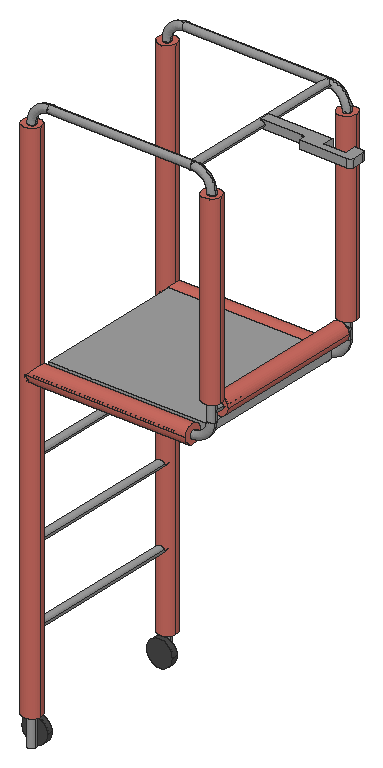
Revit family "Volleyball-Adjustable_Plataform-Clamp_On-IPIbyBison-VB73A", category Specialty Equipment, Revit 2022
Family settings
  Round Connector Dimension = Use Diameter
  Part Type = Normal
  OmniClass Number = 23.40.50.34.14
  OmniClass Title = Gymnasium Equipment
  Work Plane-Based = No
  Always vertical = Yes
  Cut with Voids When Loaded = No
  Maintain Annotation Orientation = No
  Shared = No
  Room Calculation Point = No
Parameters (values of type "VB73A")
  Width = 1' - 11"
  URL = "https://ipibybison.com/"
  Specification = "https://www.arcat.com/company/ipi-by-bison-38554/spec"
  Product Page URL = "https://www.arcat.com/arcatcos/cos38/arc38554.html"
  Platform Height [instance] = 3' - 9.75607"
  Padding = Padding - Specify Color
  Model = "VB73A"
  Manufacturer = "IPI by Bison"
  Length = 2' - 11"
  Keynote = "11 66 00"
  Height [instance] = Platform Height + 2' 8 3/4"  # 6' - 6.50607"
  Frame Material = Powder Coat - Gray
  Description = "Volleyball Portable Equipment Adjustable"
  Default Elevation = 0' - 0"
  Copyright = "© 2023 ARCAT"  # constant formula
  Category = ""
  CAD Details = "https://www.arcat.com/company/ipi-by-bison-38554/cad"
Reference planes (in)
  plane 1 "Center (Front/Back)": y = 0
  plane 2 "Bottom": z = 0
  plane 3 "Center (Left/Right)": x = 0
  plane 4: x = -7.5
  plane 5: x = 1.5
  plane 6: x = -1.5
  plane 7 "Front": x = 3
  plane 8 "Back": x = -32
  plane 9 "Right": y = 11.5
  plane 10 "Left": y = -11.5
  plane 11: z = 45.75607
  plane 12 "Top": z = 78.50607
  plane 13: z = 4
  plane 14: z = 75.91302
  plane 15: z = 48.34912
  plane 16: x = -10.09305
  plane 17: y = 10.25
  plane 18: y = -10.25
  plane 19: z = 50.84912
  plane 20: z = 49.59912
  plane 21: z = 46.75607
  plane 22: z = 35.31705
  plane 23: z = 24.87804
  plane 24: z = 14.43902
  plane 25: z = 1.75
Forms (in)
  Sweep 1, solid, material "Powder Coat - Gray" <- "Frame Material"
    path origin (0, -11.5, 0) x (-1, 0, 0) y (0, 0, 1)
      loop
        line (32, 0) -> (32, 76.00364)
        arc (32, 76.00364) -> (31.26706, 77.77313) -> (29.49757, 78.50607) r 2.50243
        line (29.49757, 78.50607) -> (10.00243, 78.50607)
        arc (10.00243, 78.50607) -> (8.23294, 77.77313) -> (7.5, 76.00364) r 2.50243
        line (7.5, 76.00364) -> (7.5, 48.25364)
        arc (7.5, 48.25364) -> (8.23152, 46.48759) -> (9.99757, 45.75607) r 2.49757
        line (9.99757, 45.75607) -> (31.5, 45.75607)
    profile origin (-32, -11.5, 38.00182) x (1, 0, 0) y (0, 1, 0)
      loop
        circle (0, 0) r 0.5
  Extrusion 2, solid, material "Padding - Specify Color" <- "Padding"
    sketch origin (0, 0, 0) x (1, 0, 0) y (0, 1, 0)
      loop
        circle (-32, -11.5) r 1.25
      loop
        circle (-32, 11.5) r 1.25
    from 4 to 75.91302
  Extrusion 3, solid, material "Padding - Specify Color" <- "Padding"
    sketch origin (0, 0, 0) x (1, 0, 0) y (0, 1, 0)
      loop
        circle (-7.5, 11.5) r 1.25
      loop
        circle (-7.5, -11.5) r 1.25
    from 50.84912 to 75.91302
  Sweep 4, solid, material "Powder Coat - Gray" <- "Frame Material"
    path origin (0, 11.5, 0) x (-1, 0, 0) y (0, 0, 1)
      loop
        line (32, 0) -> (32, 76)
        arc (32, 76) -> (31.26777, 77.76777) -> (29.5, 78.5) r 2.5
        line (29.5, 78.5) -> (10, 78.5)
        arc (10, 78.5) -> (8.23223, 77.76777) -> (7.5, 76) r 2.5
        line (7.5, 76) -> (7.5, 48.25364)
        arc (7.5, 48.25364) -> (8.23152, 46.48759) -> (9.99757, 45.75607) r 2.49757
        line (9.99757, 45.75607) -> (31.5, 45.75607)
    profile origin (-32, 11.5, 38) x (1, 0, 0) y (0, 1, 0)
      loop
        circle (0, 0) r 0.5
  Extrusion 5, solid, material "Padding - Specify Color" <- "Padding"
    sketch origin (0, 0, 0) x (0, 1, 0) y (0, 0, 1)
      loop
        circle (11.5, 45.75607) r 1.25
      loop
        circle (-11.5, 45.75607) r 1.25
    from -32 to -10.09305
  Extrusion 6, solid, material "Padding - Specify Color" <- "Padding"
    sketch origin (0, 11.5, 0) x (-1, 0, 0) y (0, 0, 1)
      loop
        circle (7.5, 49.59912) r 1.25
    from -21.75 to -1.25
  Extrusion 7, solid, material "Powder Coat - Gray" <- "Frame Material"
    sketch origin (0, 11.5, 0) x (-1, 0, 0) y (0, 0, 1)
      loop
        circle (7.5, 49.59912) r 0.5
      loop
        circle (32, 35.31705) r 0.5
      loop
        circle (32, 24.87804) r 0.5
      loop
        circle (32, 14.43902) r 0.5
    from -23 to 0
  Extrusion 8, solid, material "Powder Coat - Gray" <- "Frame Material"
    sketch origin (0, 11.5, 0) x (-1, 0, 0) y (0, 0, 1)
      loop
        circle (10.09305, 78.50607) r 0.5
    from -23 to 0
  Extrusion 9, solid, material "Powder Coat - Gray" <- "Frame Material"
    sketch origin (0, 11.5, 0) x (-1, 0, 0) y (0, 0, 1)
      loop
        line (30.75, 45.75607) -> (30.75, 46.75607) -> (8.75, 46.75607) -> (8.75, 45.75607) -> (30.75, 45.75607)
    from -21.75 to -1.25
  Extrusion 10, solid, material "Plastic, Opaque Black"
    sketch origin (0, 11.5, 0) x (-1, 0, 0) y (0, 0, 1)
      loop
        circle (32, 1.75) r 1.75
    from -1.25 to -0.54913
  Extrusion 11, solid, material "Plastic, Opaque Black"
    sketch origin (0, -11.5, 0) x (-1, 0, 0) y (0, 0, -1)
      loop
        circle (32, -1.75) r 1.75
    from -1.25 to -0.54913
  Extrusion 12, solid, material "Powder Coat - Gray" <- "Frame Material"
    sketch origin (0, 0, 0) x (1, 0, 0) y (0, 1, 0)
      loop
        line (-10.09305, 1.5) -> (-10.09305, 0) -> (-4.5, 0)
        arc (-4.5, 0) -> (-4.14645, -0.14645) -> (-4, -0.5) r 0.5
        line (-4, -0.5) -> (-4, -1) -> (2.5, -1)
        arc (2.5, -1) -> (2.85355, -0.85355) -> (3, -0.5) r 0.5
        line (3, -0.5) -> (3, 1)
        arc (3, 1) -> (2.85355, 1.35355) -> (2.5, 1.5) r 0.5
        line (2.5, 1.5) -> (1.5, 1.5) -> (1.5, 0) -> (-1.5, 0) -> (-1.5, 1.5) -> (-10.09305, 1.5)
    from 77.97277 to 79.03937
Dimensions and locks (in)
  equal spacing: plane 6, plane 3 "Center (Left/Right)", plane 5
  locked: plane 6 to plane 5 at 3
  locked: plane 5 to plane 7 "Front" at 1.5
  equal spacing: plane 9 "Right", plane 1 "Center (Front/Back)", plane 10 "Left"
  "Width": plane 9 "Right" to plane 10 "Left"
  "Length": plane 8 "Back" to plane 7 "Front"
  locked: plane 8 "Back" to plane 4 at 24.5
  "Platform Height": plane 11 to level
  locked: plane 12 "Top" to plane 11 at 32.75
  locked: plane 13 to level at 4
  locked: plane 12 "Top" to plane 14 at 2.59305
  locked: plane 15 to plane 11 at 2.59305
  locked: plane 4 to plane 16 at 2.59305
  locked: plane 9 "Right" to plane 17 at 1.25
  locked: plane 10 "Left" to plane 18 at 1.25
  equal spacing: plane 19, plane 20, plane 15
  locked: plane 19 to plane 15 at 2.5
  locked: plane 21 to plane 11 at 1
  equal spacing: plane 11, plane 22, plane 23, plane 24, plane 13
  locked: plane 25 to level at 1.75
  locked: Extrusion 10 to plane 17 at 0.70087
  locked: Extrusion 11 to plane 18 at 0.70087
  equal spacing: Extrusion 12, plane 12 "Top", Extrusion 12
  locked: Extrusion 12 to Extrusion 12 at 1.06661
  aligned and locked: plane 2 "Bottom" to level
  aligned and locked: Sweep 1 sketch curve to plane 12 "Top"
  aligned and locked: plane 8 "Back" to Sweep 1 sketch curve  (x2)
  aligned and locked: Sweep 1 sketch curve to plane 4
  aligned and locked: plane 11 to Sweep 1 sketch curve
  aligned and locked: plane 10 "Left" to Sweep 1 sketch curve
  aligned and locked: plane 8 "Back" to Extrusion 2 sketch curve  (x2)
  aligned and locked: plane 10 "Left" to Extrusion 2 sketch curve
  aligned and locked: plane 14 to Extrusion 2
  aligned and locked: Extrusion 2 to plane 13
  aligned and locked: plane 9 "Right" to Extrusion 2 sketch curve
  aligned and locked: plane 4 to Extrusion 3 sketch curve  (x2)
  aligned and locked: plane 9 "Right" to Extrusion 3 sketch curve
  aligned and locked: plane 10 "Left" to Extrusion 3 sketch curve
  aligned and locked: plane 14 to Extrusion 3
  aligned and locked: plane 9 "Right" to Extrusion 5 sketch curve
  aligned and locked: plane 11 to Extrusion 5 sketch curve  (x2)
  aligned and locked: plane 10 "Left" to Extrusion 5 sketch curve
  aligned and locked: Extrusion 5 to plane 8 "Back"
  aligned and locked: plane 16 to Extrusion 5
  aligned and locked: plane 19 to Extrusion 3
  aligned and locked: plane 4 to Extrusion 6 sketch curve
  aligned and locked: plane 20 to Extrusion 6 sketch curve
  aligned and locked: plane 17 to Extrusion 6
  aligned and locked: plane 18 to Extrusion 6
  aligned and locked: plane 4 to Extrusion 7 sketch curve
  aligned and locked: plane 20 to Extrusion 7 sketch curve
  aligned and locked: Extrusion 7 to plane 10 "Left"
  aligned and locked: plane 9 "Right" to Extrusion 7
  aligned and locked: plane 16 to Extrusion 8 sketch curve
  aligned and locked: plane 12 "Top" to Extrusion 8 sketch curve
  aligned and locked: Extrusion 8 to plane 10 "Left"
  aligned and locked: plane 9 "Right" to Extrusion 8
  aligned and locked: Extrusion 9 sketch curve to plane 11
  aligned and locked: Extrusion 9 to plane 21
  aligned and locked: plane 17 to Extrusion 9
  aligned and locked: plane 18 to Extrusion 9
  aligned and locked: plane 22 to Extrusion 7 sketch curve
  aligned and locked: plane 8 "Back" to Extrusion 7 sketch curve  (x3)
  aligned and locked: plane 23 to Extrusion 7 sketch curve
  aligned and locked: plane 24 to Extrusion 7 sketch curve
  aligned and locked: level to Sweep 1 sketch curve
  aligned and locked: plane 8 "Back" to Extrusion 10 sketch curve
  aligned and locked: plane 25 to Extrusion 10 sketch curve
  aligned and locked: plane 8 "Back" to Extrusion 11 sketch curve
  aligned and locked: plane 25 to Extrusion 11 sketch curve
  aligned and locked: level to Sweep 4 sketch curve
  aligned and locked: plane 1 "Center (Front/Back)" to Extrusion 12 sketch curve
  aligned and locked: Extrusion 12 sketch curve to plane 1 "Center (Front/Back)"
  aligned and locked: plane 16 to Extrusion 12 sketch curve
  aligned and locked: Extrusion 12 sketch curve to plane 6
  aligned and locked: plane 5 to Extrusion 12 sketch curve
  aligned and locked: Extrusion 12 sketch curve to plane 7 "Front"
Automatic sketch dimensions
  plane 16 to Sweep 1 sketch curve = 0' - 0.09548"
  plane 14 to Sweep 1 sketch curve = 0' - 0.09062"
  plane 8 "Back" to Sweep 1 sketch curve = 0' - 2.50243"
  plane 8 "Back" to Sweep 1 sketch curve = 0' - 0 1/2"
  Sweep 4 sketch curve to plane 4 = 0' - 0"
  Sweep 4 sketch curve to plane 11 = 0' - 0"
  Sweep 4 sketch curve to plane 12 "Top" = 0' - 0.00607"
  Sweep 4 sketch curve to plane 8 "Back" = 0' - 0"
  plane 16 to Sweep 4 sketch curve = 0' - 0.09548"
  plane 14 to Sweep 4 sketch curve = 0' - 0.08698"
  plane 8 "Back" to Sweep 4 sketch curve = 0' - 2 1/2"
  plane 8 "Back" to Sweep 4 sketch curve = 0' - 0 1/2"
  Sweep 4 sketch curve to plane 9 "Right" = 0' - 0"
  Sweep 4 sketch curve to profile plane = 0' - 0"
  plane 21 to Extrusion 9 sketch curve = 0' - 0"
  Extrusion 9 sketch curve to plane 4 = 0' - 1 1/4"
  plane 8 "Back" to Extrusion 9 sketch curve = 0' - 1 1/4"
  plane 1 "Center (Front/Back)" to Extrusion 12 sketch curve = 0' - 0 1/2"
  plane 4 to Extrusion 12 sketch curve = 0' - 3"
  Extrusion 12 sketch curve to plane 7 "Front" = 0' - 0 1/2"
  Extrusion 12 sketch curve to Extrusion 12 sketch curve = 0' - 0 1/2"
  plane 1 "Center (Front/Back)" to Extrusion 12 sketch curve = 0' - 1"
  Extrusion 12 sketch curve to plane 1 "Center (Front/Back)" = 0' - 1"
  Extrusion 12 sketch curve to plane 1 "Center (Front/Back)" = 0' - 1 1/2"
  radius of Sweep 1 sketch curve = 0' - 0 1/2"
  radius of Extrusion 2 sketch curve = 0' - 1 1/4"  (x2)
  radius of Extrusion 3 sketch curve = 0' - 1 1/4"  (x2)
  radius of Sweep 4 sketch curve = 0' - 0 1/2"
  radius of Extrusion 5 sketch curve = 0' - 1 1/4"  (x2)
  radius of Extrusion 6 sketch curve = 0' - 1 1/4"
  radius of Extrusion 7 sketch curve = 0' - 0 1/2"  (x4)
  radius of Extrusion 8 sketch curve = 0' - 0 1/2"
  radius of Extrusion 10 sketch curve = 0' - 1 3/4"
  radius of Extrusion 11 sketch curve = 0' - 1 3/4"
